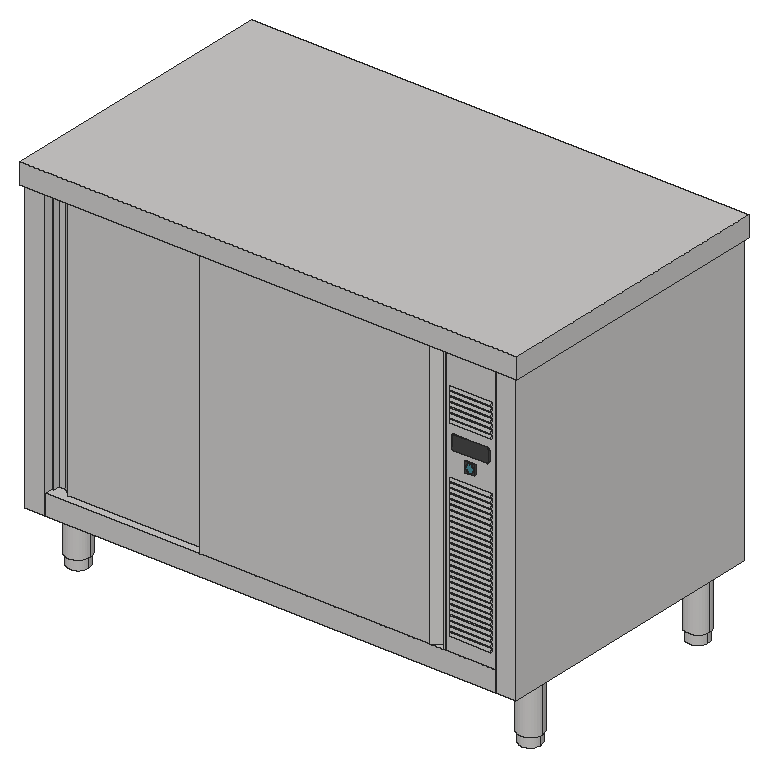
Revit family "QF_ELECTROLUXPROFESSIONAL_132871_MSR1207N", category Attrezzature speciali, Revit 2020
Family settings
  Quota connettore circolare = Usa diametro
  Tipo di parte = Normale
  Basato su piano di lavoro = No
  Sempre verticale = Sì
  Taglio con vuoti quando caricato = No
  Condiviso = No
  Punto di calcolo locali = No
Parameters (values of type "Standard")
  Weight = 55.00 kg
  Watts = 2400 W
  Volts = 220 V
  URL Manufacturer = "https://www.electroluxprofessional.com/"
  URL = "https://www.electroluxprofessional.com/"
  Steam Supply Size = 0 mm
  Steam Supply Minimum Pressure = 0.0 Pa
  Steam Supply Maximum Pressure = 0.0 Pa
  Steam Consumption per Hour = 0
  Refrigeration Suction Line Size = 0.0 mm
  Refrigeration Liquid Line Size = 0.0 mm
  Refrigerant Compressor Remote = yes
  Prospetto di default = 0.0 mm
  Produttore = "Electrolux Professional"
  Phase = 1
  Modello = "MSR1207N"
  Length Actual = 1200.0 mm  # constant formula
  Item Number = "132871"
  Hot Water Size = 0 mm
  Height Actual = 900.0 mm  # constant formula
  HP = "3.2 HP"
  Gas Size = 0 mm
  Gas KW = 0
  Gas Input Pressure = 0 W
  Direct Waste Size = 0 mm
  Descrizione = "HOT CUPBOARD 1200MM"
  Depth Actual = 700.0 mm  # constant formula
  Cycle = 50 Hz
  Condensate Return Size = 0 mm
  Compressed Air Volume = 0.0 L/s
  Compressed Air Size = 0 mm
  Compressed Air Pressure = 0.0 Pa
  Cold Water Size = 0 mm
  Accessory = yes
Reference planes
  plane 1 "Center (Front/Back)": y = 0
  plane 2: z = 0
  plane 3 "Center (Left/Right)": x = -100
  plane 4 "LEFT": x = -700
  plane 5 "RIGHT": x = 500
  plane 6 "BACK": y = 350
  plane 7 "FRONT": y = -350
  plane 8 "Base": z = 850
  plane 9 "TOP": z = 900
  plane 10: x = -646.5
  plane 11: x = 446.5
  plane 12: y = 264.5
  plane 13: y = -241.5
  plane 14 "BodyLeft": x = -694.5
  plane 15 "BodyFront": y = -344.5
  plane 16 "BodyRight": x = 494.5
  plane 17 "BodyBack": y = 344.5
  plane 18 "FEET": z = 150
  plane 19: x = 324.5
  plane 20: x = -161
  plane 21: x = 444.5
  plane 22 "EIx": x = 400
  plane 23 "EIy": y = -170
Forms (mm)
  Extrusion 1, solid, material "QF_Finishes_Stainless Steel"
    sketch origin (-100, 0, 0) x (0, 1, 0) y (0, 0, 1)
      loop
        line (-350, 850) -> (350, 850) -> (350, 900) -> (-350, 900) -> (-350, 850)
    from 600 to -600
  Extrusion 2, solid, material "QF_Finishes_Stainless Steel"
    sketch origin (0, 0, 150) x (-1, 0, 0) y (0, -1, 0)
      loop
        line (694.5, -344.5) -> (694.5, 344.5) -> (644.5, 344.5) -> (644.5, -344.5) -> (694.5, -344.5)
      loop
        line (-444.5, -344.5) -> (-444.5, 344.5) -> (-494.5, 344.5) -> (-494.5, -344.5) -> (-444.5, -344.5)
    from 0 to 700
  Extrusion 3, solid, material "QF_Finishes_Stainless Steel"
    sketch origin (0, 0, 150) x (-1, 0, 0) y (0, -1, 0)
      loop
        line (644.5, -344.5) -> (644.5, 344.5) -> (-444.5, 344.5) -> (-444.5, -344.5) -> (644.5, -344.5)
    from 0 to 50
  Extrusion 4, solid, material "QF_Finishes_Stainless Steel"
    sketch origin (-1, 0, 150) x (-1, 0, 0) y (0, -1, 0)
      loop
        line (-325.5, 344.5) -> (-325.5, 324.5) -> (270.5, 324.5) -> (270.5, 344.5) -> (-285.5, 344.5) -> (-305.5, 329.5) -> (-320.5, 329.5) -> (-320.5, 344.5) -> (-325.5, 344.5)
    from 50 to 700
  Extrusion 5, solid, material "QF_Finishes_Stainless Steel"
    sketch origin (1, 20, 150) x (1, 0, 0) y (0, 1, 0)
      loop
        line (-645.5, -344.5) -> (-640.5, -344.5) -> (-640.5, -329.5) -> (-625.5, -329.5) -> (-605.5, -344.5) -> (-51.5, -344.5) -> (-51.5, -324.5) -> (-645.5, -324.5) -> (-645.5, -344.5)
    from 50 to 700
  Extrusion 6, solid, material "QF_Finishes_Stainless Steel"
    sketch origin (0, 0, 0) x (1, 0, 0) y (0, 1, 0)
      loop
        line (-644.5, -304.5) -> (324.5, -304.5) -> (324.5, 324.5) -> (-644.5, 324.5) -> (-644.5, -304.5)
    from 500 to 540
  Extrusion 7, solid, material "QF_Finishes_Stainless Steel"
    sketch origin (0, 0, 0) x (1, 0, 0) y (0, 1, 0)
      loop
        line (444.5, 344.5) -> (-644.5, 344.5) -> (-644.5, 324.5) -> (444.5, 324.5) -> (444.5, 344.5)
    from 200 to 850
  Extrusion 8, solid, material "QF_Finishes_Stainless Steel"
    sketch origin (0, 0, 150) x (-1, 0, 0) y (0, -1, 0)
      loop
        circle (-400, 170) r 10
    from 0 to -5
Cuts and joins
  joined: Extrusion 3, Extrusion 7
Lines and regions (mm)
  symbolic lines
    curve 1: line (500, 350, 900) -> (-700, 350, 900)
    curve 2: line (-700, 350, 900) -> (-700, -350, 900)
    curve 3: line (-700, -350, 900) -> (500, -350, 900)
    curve 4: line (500, -350, 900) -> (500, 350, 900)
  symbolic lines, style "SpecialityEquipmentHiddenLines"
    curve 5: line (-694.5, 344.5, 150) -> (494.5, 344.5, 150)
    curve 6: line (-694.5, -344.5, 150) -> (-694.5, 344.5, 150)
    curve 7: line (494.5, -344.5, 150) -> (-694.5, -344.5, 150)
    curve 8: line (494.5, 344.5, 150) -> (494.5, -344.5, 150)
    curve 9: line (-645.5, -304.5, 150) -> (-49.5, -304.5, 150)
    curve 10: line (-49.5, -304.5, 150) -> (-49.5, -324.5, 150)
    curve 11: line (-645.5, -324.5, 150) -> (324.5, -324.5, 150)
    curve 12: line (324.5, -324.5, 150) -> (324.5, -344.5, 150)
    curve 13: line (-645.5, -304.5, 150) -> (-645.5, -324.5, 150)
    curve 14: line (-271.5, -344.5, 0) -> (-271.5, -324.5, 0)
Dimensions and locks
  plane 4 "LEFT" to plane 5 "RIGHT" = 1200.0 mm
  equal spacing: plane 4 "LEFT", plane 3 "Center (Left/Right)", plane 5 "RIGHT"
  locked: plane 8 "Base" to level at 850
  plane 9 "TOP" to level = 900.0 mm
  plane 6 "BACK" to plane 7 "FRONT" = 700.0 mm
  equal spacing: plane 6 "BACK", plane 1 "Center (Front/Back)", plane 7 "FRONT"
  locked: plane 4 "LEFT" to plane 14 "BodyLeft" at 5.5
  locked: plane 16 "BodyRight" to plane 5 "RIGHT" at 5.5
  locked: plane 15 "BodyFront" to plane 7 "FRONT" at 5.5
  locked: plane 6 "BACK" to plane 17 "BodyBack" at 5.5
  locked: plane 14 "BodyLeft" to plane 10 at 48
  locked: plane 11 to plane 16 "BodyRight" at 48
  locked: plane 13 to plane 15 "BodyFront" at 103
  locked: plane 17 "BodyBack" to plane 12 at 80
  plane 10 to plane 11 = 1093.0 mm
  plane 12 to plane 13 = 506.0 mm
  locked: plane 14 "BodyLeft" to Extrusion 2 sketch curve at 50
  locked: Extrusion 2 sketch curve to Extrusion 2 sketch curve at 50
  equal spacing: plane 10, plane 20, plane 19
  locked: plane 21 to plane 16 "BodyRight" at 50
  locked: plane 19 to plane 21 at 120
  locked: Extrusion 4 sketch curve to plane 20 at 110.5
  locked: plane 20 to Extrusion 5 sketch curve at 110.5
  locked: plane 18 "FEET" to level at 150
  locked: plane 22 "EIx" to plane 5 "RIGHT" at 100
  plane 23 "EIy" to plane 7 "FRONT" = 180.0 mm
  aligned and locked: level to plane 2
  aligned and locked: plane 10 to nested 1
  aligned and locked: nested 1 to plane 13
  aligned and locked: plane 11 to nested 2
  aligned and locked: nested 2 to plane 13
  aligned and locked: plane 11 to nested 4
  aligned and locked: nested 4 to plane 12
  aligned and locked: plane 10 to nested 3
  aligned and locked: nested 3 to plane 12
  aligned and locked: Extrusion 1 to plane 4 "LEFT"
  aligned and locked: plane 5 "RIGHT" to Extrusion 1
  aligned and locked: curve 2 to plane 4 "LEFT"
  aligned and locked: plane 17 "BodyBack" to Extrusion 2 sketch curve
  aligned and locked: Extrusion 2 sketch curve to plane 15 "BodyFront"
  aligned and locked: Extrusion 2 sketch curve to plane 14 "BodyLeft"
  aligned and locked: plane 16 "BodyRight" to Extrusion 2 sketch curve
  aligned and locked: Extrusion 2 sketch curve to plane 17 "BodyBack"
  aligned and locked: plane 15 "BodyFront" to Extrusion 2 sketch curve
  aligned and locked: Extrusion 3 sketch curve to plane 17 "BodyBack"
  aligned and locked: plane 15 "BodyFront" to Extrusion 3 sketch curve
  aligned and locked: plane 8 "Base" to Extrusion 2
  aligned and locked: plane 8 "Base" to Extrusion 4
  aligned and locked: Extrusion 4 to Extrusion 3
  aligned and locked: Extrusion 1 to plane 8 "Base"
  aligned and locked: plane 9 "TOP" to Extrusion 1
  aligned and locked: curve 5 to plane 17 "BodyBack"
  aligned and locked: plane 14 "BodyLeft" to curve 6
  aligned and locked: plane 15 "BodyFront" to curve 7
  aligned and locked: plane 16 "BodyRight" to curve 8
  aligned and locked: Extrusion 3 to Extrusion 2  (x2)
  aligned and locked: Extrusion 6 sketch curve to Extrusion 2
  aligned and locked: Extrusion 6 sketch curve to Extrusion 5
  aligned and locked: nested 5 to plane 21
  aligned and locked: Extrusion 7 sketch curve to Extrusion 2
  aligned and locked: Extrusion 6 sketch curve to plane 19
Automatic sketch dimensions
  curve 14 to plane 15 "BodyFront" = 0.0 mm
  plane 15 "BodyFront" to curve 14 = 20.0 mm
  curve 14 to plane 20 = 110.5 mm
  curve 3 to plane 7 "FRONT" = 0.0 mm
  curve 4 to plane 6 "BACK" = 0.0 mm
  Extrusion 1 sketch curve to plane 7 "FRONT" = 0.0 mm
  Extrusion 1 sketch curve to plane 6 "BACK" = 0.0 mm
  Extrusion 1 sketch curve to plane 8 "Base" = 0.0 mm
  Extrusion 1 sketch curve to plane 9 "TOP" = 0.0 mm
  Extrusion 3 sketch curve to plane 21 = 0.0 mm
  plane 10 to Extrusion 3 sketch curve = 2.0 mm
  Extrusion 4 sketch curve to plane 19 = 0.0 mm
  Extrusion 4 sketch curve to plane 15 "BodyFront" = 0.0 mm  (x2)
  Extrusion 4 sketch curve to Extrusion 4 sketch curve = 5.0 mm
  Extrusion 4 sketch curve to Extrusion 4 sketch curve = 15.0 mm  (x2)
  Extrusion 4 sketch curve to Extrusion 4 sketch curve = 20.0 mm  (x2)
  Extrusion 5 sketch curve to plane 15 "BodyFront" = 20.0 mm  (x2)
  Extrusion 5 sketch curve to plane 10 = 42.0 mm
  Extrusion 5 sketch curve to plane 10 = 22.0 mm
  Extrusion 5 sketch curve to plane 10 = 7.0 mm
  Extrusion 5 sketch curve to plane 10 = 2.0 mm
  Extrusion 5 sketch curve to Extrusion 5 sketch curve = 15.0 mm
  Extrusion 5 sketch curve to Extrusion 5 sketch curve = 20.0 mm
  plane 21 to curve 12 = 120.0 mm
  curve 7 to plane 15 "BodyFront" = 0.0 mm
  plane 3 "Center (Left/Right)" to curve 9 = 50.5 mm
  plane 10 to curve 11 = 1.0 mm
  plane 15 "BodyFront" to curve 9 = 40.0 mm
  curve 11 to curve 12 = 20.0 mm
  plane 12 to Extrusion 6 sketch curve = 60.0 mm
  Extrusion 7 sketch curve to plane 17 "BodyBack" = 0.0 mm
  Extrusion 7 sketch curve to plane 21 = 0.0 mm
  Extrusion 7 sketch curve to plane 17 "BodyBack" = 20.0 mm
  curve 4 to plane 5 "RIGHT" = 0.0 mm
  Extrusion 8 sketch curve to plane 22 "EIx" = 0.0 mm
  Extrusion 8 sketch curve to plane 23 "EIy" = 0.0 mm
  radius of Extrusion 8 sketch curve = 10.0 mm
Nested families
  nested 1: "FEET_D58-150" at (-646.5, -241.5, 0), type "FEET_D58-150"
  nested 2: "FEET_D58-150" at (446.5, -241.5, 0), type "FEET_D58-150"
  nested 3: "FEET_D58-150" at (-646.5, 264.5, 0), type "FEET_D58-150"
  nested 4: "FEET_D58-150" at (446.5, 264.5, 0), type "FEET_D58-150"
  nested 5: "WT_PNL120x650" at (531.42, -304.5, 600) x (1, 0, 0) z (0, -1, 0), type "WT_PNL120x650"
    with Show Logo yes
Connectors
  electrical at (400, -170, 145)
    settings: on Extrusion 8, index 1, voltage 0 V, apparent load 0 VA, apparent load phase1 0 VA, apparent load phase2 0 VA, apparent load phase3 0 VA, power factor 1, load classification "Other", number of poles 1, system type 30, power factor state 1, is connector primary yes, connector utility no, sub classification motor no, connector description "Electrical connection"
Definition of nested family "FEET_D58-150"
  Parameters
    Default Elevation = 0.0 mm
    FEET = 150.0 mm
  Reference planes
    plane 1 "Center (Front/Back)": y = 0
    plane 2: z = 0
    plane 3 "Center (Left/Right)": x = 0
    plane 4: z = 150
  Forms (mm)
    Extrusion 1, solid
      sketch origin (0, 0, 0) x (1, 0, 0) y (0, 1, 0)
        loop
          circle (0, 0) r 25
      from 0 to 25
    Extrusion 2, solid
      sketch origin (0, 0, 0) x (1, 0, 0) y (0, 1, 0)
        loop
          circle (0.061, 0) r 29
      from 25 to 150 <- "FEET"
  Lines and regions (mm)
    symbolic lines
      curve 1: line (0, -1.503, 0) -> (0, 1.508, 0)
      curve 2: line (1.561, 0, 0) -> (-1.439, 0, 0)
  Dimensions and locks
    "FEET": plane 4 to plane 2
    aligned and locked: level to plane 2
  Automatic sketch dimensions
    plane 1 "Center (Front/Back)" to Extrusion 1 sketch curve = 0.0 mm
    Extrusion 1 sketch curve to plane 3 "Center (Left/Right)" = 0.0 mm
    plane 1 "Center (Front/Back)" to curve 2 = 0.0 mm
    curve 1 to plane 3 "Center (Left/Right)" = 0.0 mm
    curve 2 to plane 3 "Center (Left/Right)" = 1.439 mm
    plane 3 "Center (Left/Right)" to curve 2 = 1.561 mm
    plane 1 "Center (Front/Back)" to curve 1 = 1.503 mm
    curve 1 to plane 1 "Center (Front/Back)" = 1.508 mm
    plane 1 "Center (Front/Back)" to Extrusion 2 sketch curve = 0.0 mm
    plane 3 "Center (Left/Right)" to Extrusion 2 sketch curve = 0.061 mm
    radius of Extrusion 1 sketch curve = 25.0 mm
    radius of Extrusion 2 sketch curve = 29.0 mm
Definition of nested family "WT_PNL120x650"
  Parameters
    Show Logo [instance] = yes
    Default Elevation = 1219.2 mm
  Reference planes
    plane 1 "Center (Front/Back)": y = -75
    plane 2: z = 0
    plane 3 "Center (Left/Right)": x = -146.92
    plane 4: x = -206.92
    plane 5: x = -86.92
    plane 6: y = 250
    plane 7: y = -400
    plane 8 "TOP": z = 40
  Forms (mm)
    Extrusion 1, solid
      sketch origin (0, 0, 0) x (1, 0, 0) y (0, 1, 0)
        loop
          line (-1219.2, 1219.2) -> (-1219.2, -1219.2) -> (1219.2, -1219.2) -> (1219.2, 1219.2) -> (-1219.2, 1219.2)
      from 0 to -304.8
    Extrusion 2, solid
      sketch origin (0, 0, 0) x (1, 0, 0) y (0, 1, 0)
        loop
          line (-206.92, 250) -> (-206.92, -400) -> (-86.92, -400) -> (-86.92, 250) -> (-206.92, 250)
      from 0 to 40
    Extrusion 3, void
      sketch origin (0, 0, 40) x (-1, 0, 0) y (0, -1, 0)
        loop
          arc (101.92, -68.899) -> (103.795, -73.256) -> (108.247, -74.89) r 6
          line (108.247, -74.89) -> (185.92, -74.89)
          arc (185.92, -74.89) -> (190.163, -73.133) -> (191.92, -68.89) r 6
          line (191.92, -68.89) -> (191.92, -45.89)
          arc (191.92, -45.89) -> (190.163, -41.648) -> (185.92, -39.89) r 6
          line (185.92, -39.89) -> (107.92, -39.89)
          arc (107.92, -39.89) -> (103.677, -41.648) -> (101.92, -45.89) r 6
          line (101.92, -45.89) -> (101.92, -68.899)
        loop
          line (158.92, -27.89) -> (158.92, -2.89) -> (134.92, -2.89) -> (134.92, -27.89) -> (158.92, -27.89)
      from -2 to 0
    Extrusion 4, solid
      sketch origin (0, 0, 40) x (-1, 0, 0) y (0, -1, 0)
        loop
          line (185.92, -39.89) -> (107.92, -39.89)
          arc (107.92, -39.89) -> (103.677, -41.648) -> (101.92, -45.89) r 6
          line (101.92, -45.89) -> (101.92, -68.899)
          arc (101.92, -68.899) -> (103.795, -73.256) -> (108.247, -74.89) r 6
          line (108.247, -74.89) -> (185.92, -74.89)
          arc (185.92, -74.89) -> (190.163, -73.133) -> (191.92, -68.89) r 6
          line (191.92, -68.89) -> (191.92, -45.89)
          arc (191.92, -45.89) -> (190.163, -41.648) -> (185.92, -39.89) r 6
      from -2 to 1
    Extrusion 5, solid
      sketch origin (-146.92, 0, 0) x (0, 1, 0) y (0, 0, 1)
        loop
          line (95.896, 40) -> (104.899, 40) -> (95.896, 41.206) -> (95.896, 40)
        loop
          line (107.896, 40) -> (116.899, 40) -> (107.896, 41.206) -> (107.896, 40)
        loop
          line (119.896, 40) -> (128.899, 40) -> (119.896, 41.206) -> (119.896, 40)
        loop
          line (131.896, 40) -> (140.899, 40) -> (131.896, 41.206) -> (131.896, 40)
        loop
          line (143.896, 40) -> (152.899, 40) -> (143.896, 41.206) -> (143.896, 40)
        loop
          line (155.896, 40) -> (164.899, 40) -> (155.896, 41.206) -> (155.896, 40)
        loop
          line (167.896, 40) -> (176.899, 40) -> (167.896, 41.206) -> (167.896, 40)
        loop
          line (-102.104, 40) -> (-93.101, 40) -> (-102.104, 41.206) -> (-102.104, 40)
        loop
          line (-90.104, 40) -> (-81.101, 40) -> (-90.104, 41.206) -> (-90.104, 40)
        loop
          line (-78.104, 40) -> (-69.101, 40) -> (-78.104, 41.206) -> (-78.104, 40)
        loop
          line (-66.104, 40) -> (-57.101, 40) -> (-66.104, 41.206) -> (-66.104, 40)
        loop
          line (-54.104, 40) -> (-45.101, 40) -> (-54.104, 41.206) -> (-54.104, 40)
        loop
          line (-42.104, 40) -> (-33.101, 40) -> (-42.104, 41.206) -> (-42.104, 40)
        loop
          line (-30.104, 40) -> (-21.101, 40) -> (-30.104, 41.206) -> (-30.104, 40)
        loop
          line (-174.104, 40) -> (-165.101, 40) -> (-174.104, 41.206) -> (-174.104, 40)
        loop
          line (-162.104, 40) -> (-153.101, 40) -> (-162.104, 41.206) -> (-162.104, 40)
        loop
          line (-150.104, 40) -> (-141.101, 40) -> (-150.104, 41.206) -> (-150.104, 40)
        loop
          line (-138.104, 40) -> (-129.101, 40) -> (-138.104, 41.206) -> (-138.104, 40)
        loop
          line (-126.104, 40) -> (-117.101, 40) -> (-126.104, 41.206) -> (-126.104, 40)
        loop
          line (-114.104, 40) -> (-105.101, 40) -> (-114.104, 41.206) -> (-114.104, 40)
        loop
          line (-246.104, 40) -> (-237.101, 40) -> (-246.104, 41.206) -> (-246.104, 40)
        loop
          line (-234.104, 40) -> (-225.101, 40) -> (-234.104, 41.206) -> (-234.104, 40)
        loop
          line (-222.104, 40) -> (-213.101, 40) -> (-222.104, 41.206) -> (-222.104, 40)
        loop
          line (-210.104, 40) -> (-201.101, 40) -> (-210.104, 41.206) -> (-210.104, 40)
        loop
          line (-198.104, 40) -> (-189.101, 40) -> (-198.104, 41.206) -> (-198.104, 40)
        loop
          line (-186.104, 40) -> (-177.101, 40) -> (-186.104, 41.206) -> (-186.104, 40)
        loop
          line (-318.104, 40) -> (-309.101, 40) -> (-318.104, 41.206) -> (-318.104, 40)
        loop
          line (-306.104, 40) -> (-297.101, 40) -> (-306.104, 41.206) -> (-306.104, 40)
        loop
          line (-294.104, 40) -> (-285.101, 40) -> (-294.104, 41.206) -> (-294.104, 40)
        loop
          line (-282.104, 40) -> (-273.101, 40) -> (-282.104, 41.206) -> (-282.104, 40)
        loop
          line (-270.104, 40) -> (-261.101, 40) -> (-270.104, 41.206) -> (-270.104, 40)
        loop
          line (-258.104, 40) -> (-249.101, 40) -> (-258.104, 41.206) -> (-258.104, 40)
        loop
          line (-366.104, 40) -> (-357.101, 40) -> (-366.104, 41.206) -> (-366.104, 40)
        loop
          line (-354.104, 40) -> (-345.101, 40) -> (-354.104, 41.206) -> (-354.104, 40)
        loop
          line (-342.104, 40) -> (-333.101, 40) -> (-342.104, 41.206) -> (-342.104, 40)
        loop
          line (-330.104, 40) -> (-321.101, 40) -> (-330.104, 41.206) -> (-330.104, 40)
      from -50 to 50
    Extrusion 6, solid
      sketch origin (0, 0, 40) x (-1, 0, 0) y (0, -1, 0)
        loop
          line (134.92, -27.89) -> (158.92, -27.89) -> (158.92, -2.89) -> (134.92, -2.89) -> (134.92, -27.89)
        loop
          circle (146.92, -15.39) r 9
      from -2 to 3
    Extrusion 7, solid
      sketch origin (0, 0, 40) x (-1, 0, 0) y (0, -1, 0)
        loop
          circle (146.92, -15.39) r 9
      from 0 to 3
  Cuts and joins
    Extrusion 3 cuts Extrusion 2
  Dimensions and locks
    equal spacing: plane 6, plane 1 "Center (Front/Back)", plane 7
    equal spacing: plane 4, plane 3 "Center (Left/Right)", plane 5
    plane 8 "TOP" to level = 40.0 mm
    aligned and locked: plane 2 to Extrusion 1
    aligned and locked: level to Extrusion 1
  Automatic sketch dimensions
    Extrusion 1 sketch curve to Extrusion 1 sketch curve = 2438.4 mm  (x2)
    Extrusion 2 sketch curve to plane 4 = 0.0 mm
    Extrusion 2 sketch curve to plane 5 = 0.0 mm
    Extrusion 2 sketch curve to plane 7 = 0.0 mm
    Extrusion 2 sketch curve to plane 6 = 0.0 mm
    Extrusion 5 sketch curve to plane 8 "TOP" = 0.0 mm  (x36)
    Extrusion 5 sketch curve to Extrusion 5 sketch curve = 9.003 mm  (x35)
    plane 8 "TOP" to Extrusion 5 sketch curve = 1.206 mm  (x22)
    Extrusion 5 sketch curve to Extrusion 5 sketch curve = 2.997 mm  (x33)
    plane 1 "Center (Front/Back)" to Extrusion 5 sketch curve = 6.101 mm
    plane 1 "Center (Front/Back)" to Extrusion 5 sketch curve = 3.104 mm
    Extrusion 5 sketch curve to plane 1 "Center (Front/Back)" = 5.899 mm
    Extrusion 5 sketch curve to Extrusion 5 sketch curve = 116.997 mm
    Extrusion 5 sketch curve to Extrusion 5 sketch curve = 1.206 mm  (x14)
    Extrusion 4 sketch curve to plane 5 = 15.0 mm
    Extrusion 4 sketch curve to Extrusion 4 sketch curve = 6.0 mm  (x3)
    Extrusion 4 sketch curve to Extrusion 4 sketch curve = 0.327 mm
    plane 4 to Extrusion 4 sketch curve = 21.0 mm  (x2)
    Extrusion 4 sketch curve to plane 1 "Center (Front/Back)" = 149.89 mm
    Extrusion 4 sketch curve to Extrusion 4 sketch curve = 23.009 mm
    Extrusion 3 sketch curve to plane 5 = 15.0 mm
    Extrusion 3 sketch curve to Extrusion 3 sketch curve = 6.0 mm  (x3)
    Extrusion 3 sketch curve to Extrusion 3 sketch curve = 0.327 mm
    plane 3 "Center (Left/Right)" to Extrusion 3 sketch curve = 12.0 mm
    Extrusion 3 sketch curve to plane 3 "Center (Left/Right)" = 12.0 mm
    plane 4 to Extrusion 3 sketch curve = 21.0 mm  (x2)
    Extrusion 3 sketch curve to plane 1 "Center (Front/Back)" = 149.89 mm
    Extrusion 3 sketch curve to Extrusion 3 sketch curve = 23.0 mm
    Extrusion 3 sketch curve to Extrusion 3 sketch curve = 12.0 mm
    Extrusion 3 sketch curve to Extrusion 3 sketch curve = 25.0 mm
    Extrusion 6 sketch curve to plane 3 "Center (Left/Right)" = 0.0 mm
    plane 3 "Center (Left/Right)" to Extrusion 6 sketch curve = 12.0 mm
    Extrusion 6 sketch curve to plane 3 "Center (Left/Right)" = 12.0 mm
    Extrusion 6 sketch curve to plane 1 "Center (Front/Back)" = 102.89 mm
    Extrusion 6 sketch curve to Extrusion 6 sketch curve = 12.5 mm  (x2)
    Extrusion 7 sketch curve to plane 3 "Center (Left/Right)" = 0.0 mm
    Extrusion 7 sketch curve to plane 1 "Center (Front/Back)" = 90.39 mm
    radius of Extrusion 6 sketch curve = 9.0 mm
    radius of Extrusion 7 sketch curve = 9.0 mm
